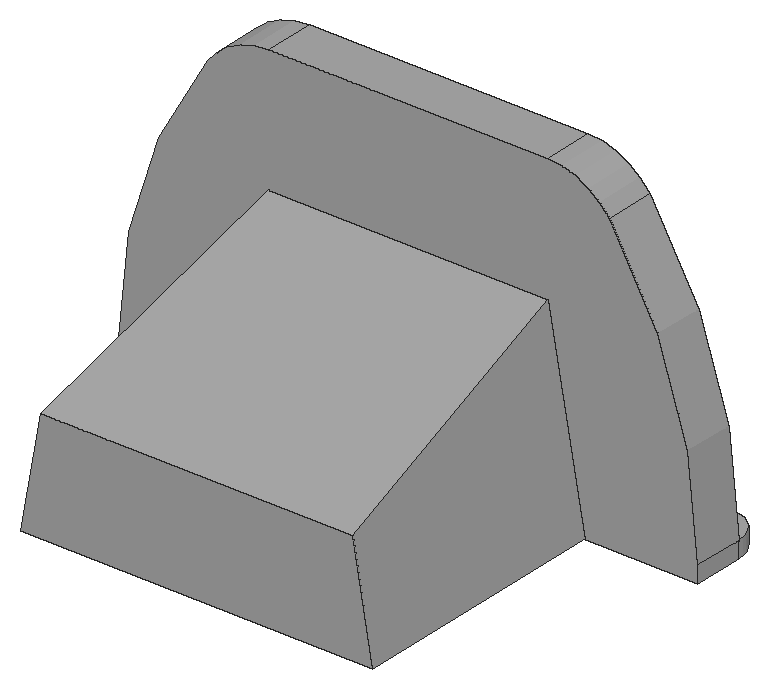
Revit family "AquaFount_4_Station-Willoughby-WAF-4401", category Plumbing Fixtures, Revit 2015
Parameters (values of type "Standard")
  Waste DIA = 1 1/2"
  Waste Connection = yes
  Vent Connection = no
  URL = "www.willoughby-ind.comhttps://www.willoughby-ind.com/wp-content/uploads/2018/01/WAF-4400.pdf"
  Solid Surface Sink = Solid Surface Acrylic Resin-Willoughby
  Revision = "A"
  Model = "WAF-4401"
  Manufacturer = "Willoughby Industries"
  Lav Waste RAD = Waste DIA / 2  # 3/4"
  HW inlet RAD = CW Inlet DIA / 2  # 1/4"
  HW Inlet DIA = 1/2"
  HW Connection = yes
  Fixture Body = Stainless Steel AISI 304-Willoughby
  Description = "4 station washfountain, Wall Mounted"
  Default Elevation = 0' - 0"
  Contact Info = "(800) 428-4065"
  CW inlet RAD = HW Inlet DIA / 2  # 1/4"
  CW Inlet DIA = 1/2"
  CW Connection = yes
Reference planes (in)
  plane 1 "Center (Front/Back)": y = 0
  plane 2: z = 0
  plane 3 "Center (Left/Right)": x = 0
  plane 4: y = 34
  plane 5: y = 20.5
  plane 6: x = -1
  plane 7: x = -5
  plane 8: y = 23.5
  plane 9: z = 3
Forms (in)
  Extrusion 1, solid, material "Solid Surface Acrylic Resin-Willoughby" <- "Solid Surface Sink"
    sketch origin (0, 0, 0) x (1, 0, 0) y (0, 0, 1)
      loop
        line (23, 0) -> (23, 1.3125)
        arc (23, 1.3125) -> (21.19686, 12.93507) -> (15.95696, 23.46497) r 38.35959
        arc (15.95696, 23.46497) -> (13.81633, 25.32869) -> (11.05859, 26) r 6
        line (11.05859, 26) -> (-11.05859, 26)
        arc (-11.05859, 26) -> (-13.81633, 25.32869) -> (-15.95696, 23.46497) r 6
        arc (-15.95696, 23.46497) -> (-21.19686, 12.93507) -> (-23, 1.3125) r 38.35959
        line (-23, 1.3125) -> (-23, 0) -> (23, 0)
    from -34 to -30
  Extrusion 2, solid, material "Solid Surface Acrylic Resin-Willoughby" <- "Solid Surface Sink", detail levels medium+fine
    sketch origin (0, 0, 0) x (1, 0, 0) y (0, 1, 0)
      loop
        line (11.25, 37.5) -> (-11.24835, 37.5) -> (-20.60378, 36.68151)
        arc (-20.60378, 36.68151) -> (-22.31035, 35.83992) -> (-23, 34.06649) r 2.625
        line (-23, 34.06649) -> (-23, 34) -> (23, 34) -> (23, 34.06664)
        arc (23, 34.06664) -> (22.31035, 35.84006) -> (20.60378, 36.68165) r 2.625
        line (20.60378, 36.68165) -> (11.25, 37.5)
    from 0 to 1.3125
  Extrusion 3, void, detail levels fine
    sketch origin (0, 0, 0) x (1, 0, 0) y (0, 0, 1)
      loop
        arc (-9.80741, 8.48537) -> (-9.46062, 9.06188) -> (-8.82704, 9.2882) r 1
        line (-8.82704, 9.2882) -> (8.82704, 9.2882)
        arc (8.82704, 9.2882) -> (9.46062, 9.06188) -> (9.80741, 8.48537) r 1
        line (9.80741, 8.48537) -> (11.14944, 1.8125) -> (21, 1.8125)
        arc (21, 1.8125) -> (19.21774, 12.56708) -> (14.32761, 22.30998) r 36.35959
        arc (14.32761, 22.30998) -> (12.90052, 23.55246) -> (11.06203, 24) r 4
        line (11.06203, 24) -> (-11.06203, 24)
        arc (-11.06203, 24) -> (-12.90052, 23.55246) -> (-14.32761, 22.30998) r 4
        arc (-14.32761, 22.30998) -> (-19.29431, 12.32909) -> (-21.00344, 1.3125) r 36.35959
        line (-21.00344, 1.3125) -> (-11.25, 1.3125) -> (-9.80741, 8.48537)
    from -34 to -31.04074
  Extrusion 4, solid, material "Stainless Steel AISI 304-Willoughby" <- "Fixture Body"
    sketch origin (0, 0, 0) x (1, 0, 0) y (0, 0, 1)
      loop
        arc (9.16146, 11.69717) -> (8.81467, 12.27368) -> (8.18109, 12.5) r 1
        line (8.18109, 12.5) -> (-8.18109, 12.5)
        arc (-8.18109, 12.5) -> (-8.81467, 12.27368) -> (-9.16146, 11.69717) r 1
        line (-9.16146, 11.69717) -> (-11.25, 1.3125) -> (-11.25, 0) -> (11.25, 0) -> (11.25, 1.3125) -> (9.16146, 11.69717)
    from -38.6875 to -34
  Extrusion 5, solid, material "Solid Surface Acrylic Resin-Willoughby" <- "Solid Surface Sink", detail levels medium+fine
    sketch origin (0, 0, 0) x (1, 0, 0) y (0, 0, 1)
      loop
        line (-11.8125, 0) -> (11.8125, 0) -> (11.8125, 1.36228) -> (9.63342, 12.19717)
        arc (9.63342, 12.19717) -> (9.28662, 12.77368) -> (8.65305, 13) r 1
        line (8.65305, 13) -> (-8.65305, 13)
        arc (-8.65305, 13) -> (-9.28662, 12.77368) -> (-9.63342, 12.19717) r 1
        line (-9.63342, 12.19717) -> (-11.8125, 1.36228) -> (-11.8125, 0)
    from -39.5 to -38.6875
  Extrusion 6, solid, material "Solid Surface Acrylic Resin-Willoughby" <- "Solid Surface Sink"
    sketch origin (0, 0, 0) x (0, 1, 0) y (0, 0, 1)
      loop
        line (9, 0) -> (30, 0) -> (30, 16) -> (9, 8.875) -> (9, 0)
    from -14 to 14
  Extrusion 7, void, detail levels fine
    sketch origin (-5, 0, 0) x (1, 0, 0) y (0, 0, 1)
      loop
        line (-6.0625, 16) -> (-10.92772, 16) -> (-10.92772, 0) -> (-9, 0) -> (-6.0625, 16)
    from -30 to 0
  Extrusion 8, void, detail levels fine
    sketch origin (5, 0, 0) x (-1, 0, 0) y (0, 0, -1)
      loop
        line (-6.0625, -16) -> (-9, 0) -> (-10.92772, 0) -> (-10.92772, -16) -> (-6.0625, -16)
    from -30 to 0
  Extrusion 9, solid, material "Stainless Steel AISI 304-Willoughby" <- "Fixture Body", detail levels fine
    sketch origin (4.5, 0, 0) x (1, 0, 0) y (0, 1, 0)
      loop
        circle (0, 36.04123) r 0.75
    from 12.5 to 13.5
  Extrusion 10, solid, material "Stainless Steel AISI 304-Willoughby" <- "Fixture Body", detail levels fine
    sketch origin (-2.29933, 0, 5.28548) x (0.197169, 0, -0.980369) y (0, 1, 0)
      loop
        circle (0, 36.04123) r 0.75
    from 12.5 to 13.5
  Extrusion 11, solid, material "Stainless Steel AISI 304-Willoughby" <- "Fixture Body", detail levels fine
    sketch origin (2.29933, 0, 5.28548) x (-0.197169, 0, -0.980369) y (0, -1, 0)
      loop
        circle (0, -36.04123) r 0.75
    from 12.5 to 13.5
  Extrusion 12, solid, material "Stainless Steel AISI 304-Willoughby" <- "Fixture Body", detail levels fine
    sketch origin (0, 0, 0) x (1, 0, 0) y (0, 1, 0)
      loop
        circle (-1, 20.5) r 0.25
    from 3 to 4.28228
  Extrusion 13, solid, material "Stainless Steel AISI 304-Willoughby" <- "Fixture Body", detail levels fine
    sketch origin (-4, 0, 0) x (1, 0, 0) y (0, 1, 0)
      loop
        circle (-1, 20.5) r 0.25
    from 3 to 4.28228
  Extrusion 14, solid, material "Stainless Steel AISI 304-Willoughby" <- "Fixture Body", detail levels fine
    sketch origin (0, 0, 0) x (1, 0, 0) y (0, 1, 0)
      loop
        circle (0, 23.5) r 0.75
    from 3 to 4.28228
  Extrusion 15, solid, material "Stainless Steel AISI 304-Willoughby" <- "Fixture Body", detail levels fine
    sketch origin (-4.5, 0, 0) x (-1, 0, 0) y (0, -1, 0)
      loop
        circle (0, -36.04123) r 0.75
    from 12.5 to 13.5
Cuts and joins
  Extrusion 8 cuts Extrusion 5
  Extrusion 7, Extrusion 8 cuts Extrusion 6
  Extrusion 8 cuts Extrusion 2
  Extrusion 8 cuts Extrusion 4
  Extrusion 3, Extrusion 8 cuts Extrusion 1
Lines and regions (in)
  symbolic lines
    curve 1: line (-23, 0, 0) -> (23, 0, 0)
    curve 2: line (23, 0, 0) -> (23, 0, 1.3125)
    curve 3: line (23, 0, 1.3125) -> (-23, 0, 1.3125)
    curve 4: line (-23, 0, 1.3125) -> (-23, 0, 0)
    curve 5: arc (23, 0, 1.3125) -> (21.19686, 0, 12.93507) -> (15.95696, 0, 23.46497) r 38.35959
    curve 6: arc (15.95696, 0, 23.46497) -> (13.81633, 0, 25.32869) -> (11.05859, 0, 26) r 6
    curve 7: arc (-23, 0, 1.3125) -> (-21.19686, 0, 12.93507) -> (-15.95696, 0, 23.46497) r 38.35959
    curve 8: arc (-15.95696, 0, 23.46497) -> (-13.81633, 0, 25.32869) -> (-11.05859, 0, 26) r 6
    curve 9: line (-11.05859, 0, 26) -> (11.05859, 0, 26)
    curve 22: line (0, 0, 0) -> (0, 39.5, 0)
    curve 23: line (0, 39.5, 0) -> (0, 39.5, 13)
    curve 24: line (0, 39.5, 13) -> (0, 38.6875, 13)
    curve 25: line (0, 38.6875, 13) -> (0, 38.6875, 0)
    curve 26: line (0, 39.5, 1.36228) -> (0, 38.6875, 1.36228)
    curve 27: line (0, 38.6875, 12.5) -> (0, 34, 12.5)
    curve 28: line (0, 34, 12.5) -> (0, 34, 0)
    curve 29: line (0, 38.6875, 1.3125) -> (0, 34, 1.3125)
    curve 30: line (0, 34, 12.5) -> (0, 34, 26)
    curve 31: line (0, 34, 26) -> (0, 30, 26)
    curve 32: line (0, 30, 26) -> (0, 30, 0)
    curve 33: line (0, 30, 16) -> (0, 9, 8.875)
    curve 34: line (0, 9, 8.875) -> (0, 0, 8.875)
    curve 35: line (0, 0, 8.875) -> (0, 0, 0)
    curve 41: line (-14, 0, 0) -> (14, 0, 0)
    curve 42: line (14, 0, 0) -> (14, 30, 0)
    curve 43: line (-14, 0, 0) -> (-14, 30, 0)
    curve 44: line (-11.05859, 30, 0) -> (-12.36417, 9.04062, 0)
    curve 45: line (-12.36417, 9.04062, 0) -> (-12.36417, 0, 0)
    curve 46: line (12.37061, 0, 0) -> (12.37061, 9.04062, 0)
    curve 47: line (-12.36417, 9.04062, 0) -> (12.37061, 9.04062, 0)
    curve 48: line (11.05859, 30, 0) -> (12.36417, 9.04062, 0)
    curve 49: line (-23, 30, 0) -> (23, 30, 0)
    curve 50: line (23, 34, 0) -> (23, 30, 0)
    curve 51: line (-23, 30, 0) -> (-23, 34, 0)
    curve 52: line (-23, 34, 0) -> (23, 34, 0)
    curve 53: line (21, 34, 0) -> (21, 31.04074, 0)
    curve 54: line (21, 31.04074, 0) -> (-21.00344, 31.04074, 0)
    curve 55: line (-21.00344, 31.04074, 0) -> (-21.00344, 34, 0)
    curve 56: line (-11.25, 31.04074, 0) -> (-11.25, 38.6875, 0)
    curve 57: line (11.14944, 31.04074, 0) -> (11.14944, 38.79074, 0)
    curve 58: line (-11.25, 37.5, 0) -> (11.14944, 37.5, 0)
    curve 59: line (-11.8125, 38.6875, 0) -> (11.8125, 38.6875, 0)
    curve 60: line (11.8125, 38.6875, 0) -> (11.8125, 39.5, 0)
    curve 61: line (11.8125, 39.5, 0) -> (-11.8125, 39.5, 0)
    curve 62: line (-11.8125, 39.5, 0) -> (-11.8125, 38.6875, 0)
    curve 63: line (11.14944, 37.5, 0) -> (20.61329, 36.67202, 0)
    curve 64: arc (20.61329, 36.67202, 0) -> (22.33599, 35.80883, 0) -> (23, 34, 0) r 2.61551
    curve 65: line (-11.25, 37.5, 0) -> (-20.60382, 36.6815, 0)
    curve 66: arc (-20.60382, 36.6815, 0) -> (-22.33296, 35.81529, 0) -> (-23, 34, 0) r 2.6259
  symbolic lines, detail levels medium+fine
    curve 10: arc (21.00344, 0, 1.3125) -> (19.29431, 0, 12.32909) -> (14.32761, 0, 22.30998) r 36.35959
    curve 11: arc (14.32761, 0, 22.30998) -> (12.90052, 0, 23.55246) -> (11.06203, 0, 24) r 4
    curve 12: arc (-11.06203, 0, 24) -> (-12.90052, 0, 23.55246) -> (-14.32761, 0, 22.30998) r 4
    curve 13: arc (-14.32761, 0, 22.30998) -> (-19.29431, 0, 12.32909) -> (-21.00344, 0, 1.3125) r 36.35959
    curve 14: line (11.06203, 0, 24) -> (-11.06203, 0, 24)
  symbolic lines, detail levels fine
    curve 15: line (11.8125, 0, 0) -> (11.8125, 0, 1.3125)
    curve 16: arc (-8.65305, 0, 13) -> (-9.28662, 0, 12.77368) -> (-9.63342, 0, 12.19717) r 1
    curve 17: line (-9.63342, 0, 12.19717) -> (-11.82251, 0, 1.3125)
    curve 18: line (-11.82251, 0, 1.3125) -> (-11.82251, 0, 0)
    curve 19: line (11.8125, 0, 1.3125) -> (9.59435, 0, 12.34166)
    curve 20: arc (9.59435, 0, 12.34166) -> (9.25555, 0, 12.85936) -> (8.65305, 0, 13) r 0.83193
    curve 21: line (8.65305, 0, 13) -> (-8.65305, 0, 13)
    curve 36: line (0, 36.6875, 12.5) -> (0, 36.6875, 13.5)
    curve 37: line (0, 36.6875, 13.5) -> (0, 35.29123, 13.5)
    curve 38: line (0, 35.29123, 13.5) -> (0, 35.29123, 12.5)
    curve 39: arc (0, 36.78259, 7.8467) -> (0, 36.03259, 8.5967) -> (0, 35.28259, 7.8467) r 0.75
    curve 40: arc (0, 35.28259, 7.8467) -> (0, 36.03259, 7.0967) -> (0, 36.78259, 7.8467) r 0.75
Dimensions and locks (in)
  locked: Extrusion 1 to Extrusion 1 at 4
  aligned and locked: plane 4 to Extrusion 1
  aligned and locked: plane 9 to Extrusion 12
  aligned and locked: cut or joined group of Extrusion 2, Extrusion 8 to level
  aligned and locked: cut or joined group of Extrusion 1, Extrusion 3, Extrusion 8 to cut or joined group of Extrusion 2, Extrusion 8
  aligned and locked: cut or joined group of Extrusion 2, Extrusion 8 to cut or joined group of Extrusion 1, Extrusion 3, Extrusion 8  (x2)
  aligned and locked: cut or joined group of Extrusion 5, Extrusion 8 to cut or joined group of Extrusion 5, Extrusion 8
Connectors (in)
  piping at (-1, 20.5, 3), diameter 0.5, driven by "CW inlet RAD", driven by "CW Connection"
    settings: on Extrusion 12, index 1, connector inside diameter 1/2", connector length 0' - 0", flow factor 0, pipe flow 0 GPM, pressure drop 0.00 psi, fitting loss kfactor 0, connector angle 0.00°, fixture units 0, engagement length 0' - 0", angle of deflection 0.00°, flow configuration 0, flow direction 1, fitting loss method 0, system type 20, joint type 0, gender type 0, connector reference index -1, connector utility 1, adjustable connector no, is connector primary yes, connector description "Washfountain CW Supply"
  piping at (-5, 20.5, 3), diameter 0.5, driven by "HW inlet RAD", driven by "HW Connection"
    settings: on Extrusion 13, index 2, connector inside diameter 1/2", connector length 0' - 0", flow factor 0, pipe flow 0 GPM, pressure drop 0.00 psi, fitting loss kfactor 0, connector angle 0.00°, fixture units 0, engagement length 0' - 0", angle of deflection 0.00°, flow configuration 0, flow direction 1, fitting loss method 0, system type 19, joint type 0, gender type 0, connector reference index -1, connector utility 1, adjustable connector no, is connector primary no, connector description "Washfountain HW Supply"
  piping at (0, 23.5, 3), diameter 1.5, driven by "Waste Connection", driven by "Lav Waste RAD"
    settings: on Extrusion 14, index 3, connector inside diameter 1 1/2", connector length 0' - 0", flow factor 0, pipe flow 0 GPM, pressure drop 0.00 psi, fitting loss kfactor 0, connector angle 0.00°, fixture units 0, engagement length 0' - 0", angle of deflection 0.00°, flow configuration 0, flow direction 2, fitting loss method 0, system type 16, joint type 0, gender type 0, connector reference index -1, connector utility 1, adjustable connector yes, is connector primary no, connector description "Washfountain Drain"
